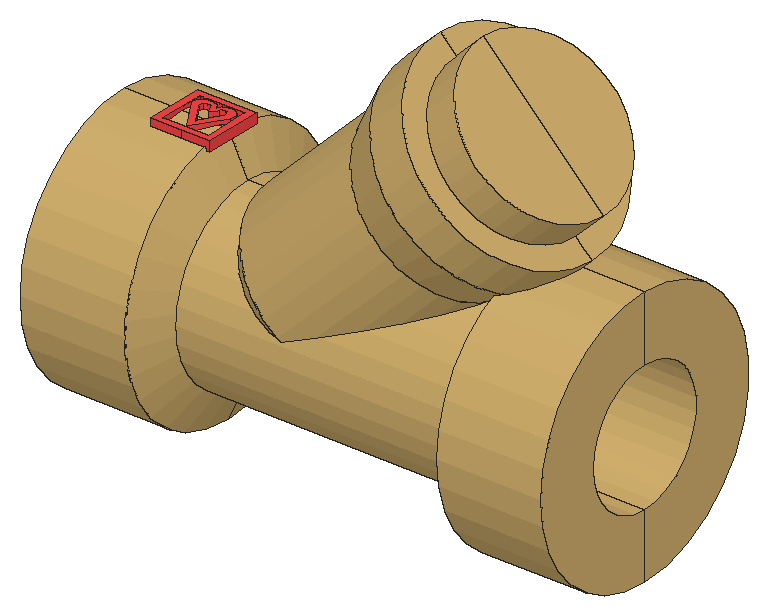
Revit family "Фильтр-грязевик 2662", category Rohrzubehör, Revit 2019
Family settings
  Bemaßung runder Anschluss = Durchmesser verwenden
  Teiletyp = Unterbricht
  OmniClass-Nummer = 23.65.55.14
  OmniClass-Titel = Valves for Liquid Services
  Arbeitsebenenbasiert = Nein
  Immer vertikal = Ja
  Beim Laden mit Abzugskörper schneiden = Nein
  Gemeinsam genutzt = Nein
Parameters
  Номер заказа [instance] = size_lookup("2662_", "Artnr", 0, Nennweite)  # 1266202
  Мин. рабочая температура (вода) = 0.5 °C  # constant formula
  Мин. рабочая температура = -30 °C  # constant formula
  Макс. рабочая температура (вода) = 95 °C  # constant formula
  Макс. рабочая температура = 130 °C  # constant formula
  Макс. рабочее давление = 2500000.0 Pa  # constant formula
  W01 = 45.00°  # constant formula
  URL = "www.herz-armaturen.ru"
  Заглушка = "штампованная латунь CW 617N"  # constant formula
  Фильтрующий элемент = "нержавеющая сталь, размер ячейки 0,5 мм"  # constant formula
  SW01 [instance] = size_lookup("2662_", "SW1", 12.000 mm, Nennweite)  # 13.000 mm
  SCTWSEQ = "AW;SBT_TYP_AW=\"112\";2"
  SCTWCODE = "04;16;02"  # constant formula
  SCRNSEQ = "AWI;AWI_TYP=\"1011\";2"
  SCRNCODE = "05;15;02"  # constant formula
  S01 [instance] = R01 * 2  # 40.000 mm
  R07 [instance] = size_lookup("2662_", "R7", 13.000 mm, Nennweite)  # 16.500 mm
  R06 [instance] = size_lookup("2662_", "R6", 11.500 mm, Nennweite)  # 14.000 mm
  R05 [instance] = Nennweite / 2  # 10.000 mm
  R03 [instance] = size_lookup("2662_", "R3", 11.500 mm, Nennweite)  # 14.000 mm
  R02 [instance] = Nennweite / 2  # 10.000 mm
  R01 [instance] = (Nennweite / 2) + 10.000 mm  # 20.000 mm
  Nennweite [instance] = 20.000 mm
  Среда = "Качество теплоносителя в соответствии с ÖNORM H5195 и/или предписаниями VDI-Standard 2035. \nРазрешается использование смеси этилен или пропиленгликоля в соотношении 25-50% с водой. Пожалуйста, обратитесь к документации производителя, при использовании этиленгликоля и пропиленгликоля в целях защиты от замерзания. Прокладки EPDM могут быть подвержены воздействию минеральных смазочных масел, что может служить причиной выхода из строя данных уплотнений."
  L16 [instance] = L03 / 2  # 7.750 mm
  L15 [instance] = R01 - 1.000 mm  # 19.000 mm
  L14 [instance] = L06 - L08  # 8.000 mm
  L11 [instance] = size_lookup("2662_", "L11", 4.500 mm, Nennweite)  # 6.000 mm
  L09 [instance] = size_lookup("2662_", "L9", 9.000 mm, Nennweite)  # 7.000 mm
  L08 [instance] = size_lookup("2662_", "L8", 23.500 mm, Nennweite)  # 32.000 mm
  L07 [instance] = size_lookup("2662_", "L7", 11.000 mm, Nennweite)  # 13.000 mm
  L06 [instance] = size_lookup("2662_", "L6", 36.500 mm, Nennweite) - L09  # 40.000 mm
  L03 [instance] = size_lookup("2662_", "L3", 15.000 mm, Nennweite)  # 15.500 mm
  L02 [instance] = size_lookup("2662_", "L2", 14.000 mm, Nennweite)  # 21.000 mm
  L01 [instance] = size_lookup("2662_", "L1", 17.000 mm, Nennweite)  # 16.000 mm
  L00 [instance] = size_lookup("2662_", "L", 68.000 mm, Nennweite)  # 80.000 mm
  Внутренняя резьба = "в соответствии с ISO 228-1"  # constant formula
  Hersteller = "Herz-Armaturen GmbH"  # constant formula
  Корпус (DN50) = "литая латунь в соотв. с EN 1982; CC770S"  # constant formula
  Корпус (DN15-DN40) = "штампованная латунь CW 617N"  # constant formula
  Уплотнения = "EPDM"  # constant formula
  Область применения = "Фильтры устанавливаются с целью защиты клапанов от мелких частиц грязи в системах отопления и \nхолодоснабжения. Ароматические хлорированные углеводороды, такие как природный газ или продукты нефтепереработки, разрушают уплотнения из EPDM."
Reference planes
  plane 1 "Mitte (Vorne/hinten)": y = 0
  plane 2: z = 0
  plane 3 "Mitte (Links/rechts)": x = 0
Forms (mm)
  Revolve 1, solid, material "Messing", detail levels fine
    sketch origin (470, 0, 0) x (1, 0, 0) y (0, 0, 1)
      loop
        line (-510, 10) -> (-494.5, 10) -> (-494.5, 0) -> (-445.5, 0) -> (-445.5, 10) -> (-430, 10) -> (-430, 20) -> (-446, 20) -> (-449, 14) -> (-491, 14) -> (-494, 20) -> (-510, 20) -> (-510, 10)
      axis (-510, 0) -> (-430, 0)
    angle from 0 to 360
  Revolve 2, solid, material "Messing", detail levels fine
    sketch origin (0.32, 0, -0.105) x (1, 0, 0) y (0, 0, 1)
      loop
        line (-13.32, 0) -> (24.157, 37.477) -> (14.964, 46.669) -> (10.722, 42.426) -> (8.247, 44.901) -> (3.297, 39.952) -> (-0.592, 32.527) -> (-17.563, 15.556) -> (-20.391, 7.071) -> (-13.32, 0)
      axis (-13.32, 0) -> (24.157, 37.477)
    angle from 0 to 360
Lines and regions (mm)
  model lines, detail levels coarse+medium
    curve 1: line (-40, 0, 20) -> (40, 0, 20)
    curve 2: line (-40, 0, -20) -> (-40, 0, 20)
    curve 3: line (40, 0, -20) -> (-40, 0, -20)
    curve 4: line (40, 0, 20) -> (40, 0, -20)
    curve 6: line (-40, 20, 0) -> (40, 20, 0)
    curve 7: line (-40, -20, 0) -> (-40, 20, 0)
    curve 8: line (40, -20, 0) -> (-40, -20, 0)
    curve 9: line (40, 20, 0) -> (40, -20, 0)
    curve 10: line (40, -20, 0) -> (-40, 20, 0)
  symbolic lines, style "PipeAccessory"
    curve 5: line (40, 0, -20) -> (-40, 0, 20)
Dimensions and locks
  "L00": Revolve 1 sketch curve to Revolve 1 sketch curve
  equal spacing: Revolve 1 sketch curve, plane 3 "Mitte (Links/rechts)", Revolve 1 sketch curve
  "R01": Revolve 1 sketch curve to Revolve 1 sketch curve  (x2)
  "R02": Revolve 1 sketch curve to Revolve 1 sketch curve  (x2)
  "L01": Revolve 1 sketch curve to Revolve 1 sketch curve  (x2)
  "L02": plane 3 "Mitte (Links/rechts)" to Revolve 1 sketch curve
  "L02": Revolve 1 sketch curve to plane 3 "Mitte (Links/rechts)"
  "R03": Revolve 1 sketch curve to Revolve 1 sketch curve
  "L03": Revolve 1 sketch curve to Revolve 1 sketch curve  (x2)
  "L11": Revolve 2 sketch curve to Revolve 2 sketch curve
  "L07": plane 3 "Mitte (Links/rechts)" to Revolve 2 sketch curve  (x2)
  "R05": Revolve 2 sketch curve to Revolve 2 sketch curve
  "L06": Revolve 2 sketch curve to Revolve 2 sketch curve
  "L08": Revolve 2 sketch curve to Revolve 2 sketch curve
  "R06": Revolve 2 sketch curve to Revolve 2 sketch curve
  "L14": Revolve 2 sketch curve to Revolve 2 sketch curve
  "L15": nested 1 to plane 2
  "L16": Revolve 1 to nested 1
  equal spacing: curve 7, plane 3 "Mitte (Links/rechts)", curve 9
  "L00": curve 7 to curve 9
  "S01": curve 6 to curve 8
  equal spacing: curve 4, plane 3 "Mitte (Links/rechts)", curve 2
  "L00": curve 4 to curve 2
  equal spacing: curve 1, plane 2, curve 3
  "S01": curve 1 to curve 3
  equal spacing: curve 8, plane 1 "Mitte (Vorne/hinten)", curve 6
  "L09": Revolve 2 sketch curve to Revolve 2 sketch curve
  "R07": Revolve 2 sketch curve to Revolve 2 sketch curve
  "SW01": Revolve 2 sketch curve to Revolve 2 sketch curve
  "W01": angle plane 2 to Revolve 2 sketch curve
  "W01": angle level to Revolve 2 sketch curve
  aligned and locked: level to plane 2
Automatic sketch dimensions
  Revolve 1 sketch curve to level = 0.000 mm  (x2)
  Revolve 1 sketch curve to Revolve 1 sketch curve = 791.990 mm
  Revolve 1 sketch curve to Revolve 1 sketch curve = 2278.983 mm
  Revolve 2 sketch curve to level = 0.105 mm
  Revolve 2 sketch curve to Revolve 2 sketch curve = 0.000 mm
Nested families
  nested 1: "Herz-Logo" at (-27.732, 0, 19), type "Herz-Logo", detail levels fine
Connectors
  piping at (-24.5, 0, 0), diameter 20, driven by "Nennweite"
    settings: on Revolve 1, index 1, connector inside diameter 609.6 mm, connector length 0.000 mm, flow factor 0, pipe flow 0.0 L/s, pressure drop 0.0 Pa, fitting loss kfactor 0, connector angle 0.00°, fixture units 0, engagement length 0.000 mm, angle of deflection 0.00°, flow configuration 0, flow direction 1, fitting loss method 0, system type 29, joint type 0, gender type 0, connector reference index -1, connector utility 0, adjustable connector no, is connector primary yes, connector description ""
  piping at (24.5, 0, 0), diameter 20, driven by "Nennweite"
    settings: on Revolve 1, index 2, connector inside diameter 609.6 mm, connector length 0.000 mm, flow factor 0, pipe flow 0.0 L/s, pressure drop 0.0 Pa, fitting loss kfactor 0, connector angle 0.00°, fixture units 0, engagement length 0.000 mm, angle of deflection 0.00°, flow configuration 0, flow direction 2, fitting loss method 0, system type 29, joint type 0, gender type 0, connector reference index -1, connector utility 0, adjustable connector no, is connector primary no, connector description ""
Definition of nested family "Herz-Logo"
  Reference planes
    plane 1 "Mitte (Vorne/hinten)": y = 0
    plane 2: z = 0
    plane 3 "Mitte (Links/rechts)": x = 0
  Forms (mm)
    Extrusion 1, solid
      sketch origin (0, 0, 0) x (1, 0, 0) y (0, 1, 0)
        loop
          line (-0.018, -4.517) -> (4.482, -4.517) -> (4.482, 4.483) -> (-4.518, 4.483) -> (-4.518, -4.517) -> (-0.018, -4.517)
        loop
          line (-0.05, -3.48) -> (3.482, -3.48) -> (3.482, 3.483) -> (-3.518, 3.483) -> (-3.518, -3.48) -> (-0.05, -3.48)
        loop
          arc (-0.018, 2.383) -> (-1.543, 3.287) -> (-3.067, 2.383) r 1.738
          arc (-3.067, 2.383) -> (-3.191, 1.899) -> (-3.067, 1.415) r 1.009
          line (-3.067, 1.415) -> (-0.018, -3.281) -> (3.032, 1.415)
          arc (3.032, 1.415) -> (3.156, 1.899) -> (3.032, 2.383) r 1.009
          arc (3.032, 2.383) -> (1.507, 3.287) -> (-0.018, 2.383) r 1.738
        loop
          arc (1.885, 1.272) -> (2.005, 1.675) -> (1.885, 2.079) r 0.74
          arc (1.885, 2.079) -> (1.265, 2.416) -> (0.644, 2.079) r 0.74
          line (0.644, 2.079) -> (-0.018, 0.97) -> (-0.679, 2.079)
          arc (-0.679, 2.079) -> (-1.3, 2.416) -> (-1.921, 2.079) r 0.74
          arc (-1.921, 2.079) -> (-2.04, 1.675) -> (-1.921, 1.272) r 0.74
          line (-1.921, 1.272) -> (-0.018, -1.658) -> (1.885, 1.272)
      from 0 to 1.5
  Dimensions and locks
    aligned and locked: level to plane 2
